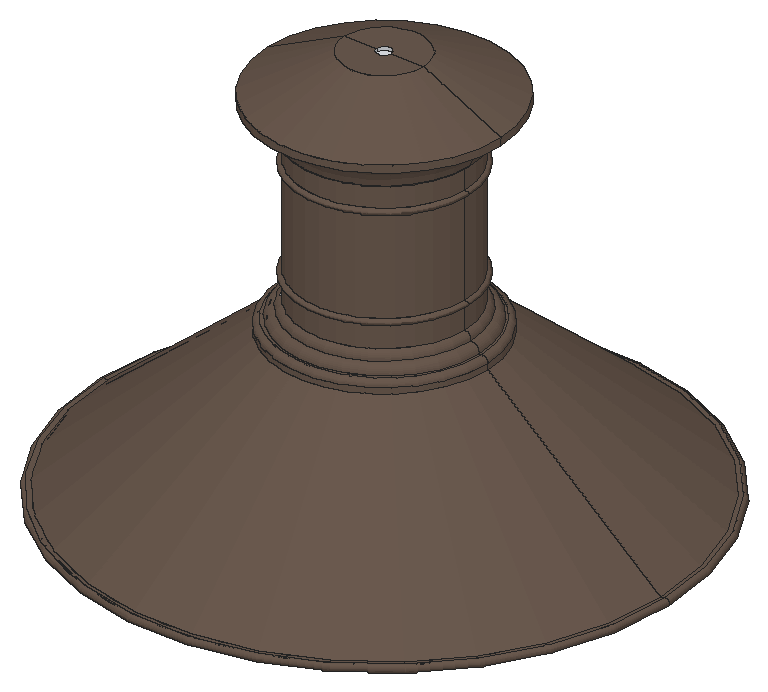
Revit family "MC20 SHADE", category Lighting Fixtures, Revit 2024
Family settings
  Round Connector Dimension = Use Diameter
  Part Type = Normal
  OmniClass Number = 23.80.70.00
  OmniClass Title = Lighting
  Work Plane-Based = No
  Always vertical = Yes
  Cut with Voids When Loaded = No
  Light Source = Yes
  Maintain Annotation Orientation = No
  Shared = No
  Room Calculation Point = No
Parameters
  Wattage = 12.1178 W
  built-in parameter 1150110 = 1 (stored number, unit not read)
  built-in parameter 1114217 = 1 (stored number, unit not read)
  built-in parameter 1150109 = 1 (stored number, unit not read)
  built-in parameter 1150134 = (empty or 0)
  built-in parameter 1150113 = 1 (stored number, unit not read)
  Lumens = 1800 lm
  built-in parameter 1150115 = 1 (stored number, unit not read)
  built-in parameter 1150105 = 572.96 (stored number, unit not read)
  Light Source Symbol Size = 2' - 0"
  built-in parameter 1150137 = (empty or 0)
  built-in parameter 1150139 = (empty or 0)
  built-in parameter 1150112 = 1 (stored number, unit not read)
  built-in parameter 1150114 = 1 (stored number, unit not read)
  built-in parameter 1150132 = 2
  built-in parameter 1150102 = (empty or 0)
  built-in parameter 1150138 = (empty or 0)
  built-in parameter 1150107 = 3000 (stored number, unit not read)
  built-in parameter 1150106 = 5.7296 (stored number, unit not read)
  built-in parameter 1150104 = 13.8 (stored number, unit not read)
  Dimming Lamp Color Temperature Shift = (empty or 0)
  Default Elevation = 0' - 0"
  Color Filter = 16777215
  built-in parameter 1114218 = 1 (stored number, unit not read)
  built-in parameter 1150133 = 10 (stored number, unit not read)
Reference planes (in)
  plane 1 "Light Source Axis (F/B)": y = 0
  plane 2: z = 0
  plane 3 "Light Source Axis (L/R)": x = 0
  plane 4 "Light Source Elevation": z = 84
Forms (in)
  Revolve 1, solid
    sketch origin (0, 0, 0) x (1, 0, 0) y (0, 0, 1)
      loop
        line (-3.625, 89.24996) -> (-9.72256, 84.25) -> (-9.875, 84.25)
        arc (-9.875, 84.25) -> (-9.97022, 84.04402) -> (-9.75162, 84.10493) r 0.125
        line (-9.75162, 84.10493) -> (-3.53125, 89.2056) -> (-3.53125, 89.44996)
        arc (-3.53125, 89.44996) -> (-3.50013, 89.52509) -> (-3.425, 89.55621) r 0.10625
        line (-3.425, 89.55621) -> (-3.20871, 89.55621)
        arc (-3.20871, 89.55621) -> (-3.20089, 89.75767) -> (-3.025, 89.85621) r 0.20625
        line (-3.025, 89.85621) -> (-2.93115, 89.95007)
        arc (-2.93115, 89.95007) -> (-2.87699, 90.09463) -> (-2.73363, 90.15189) r 0.19092
        line (-2.73363, 90.15189) -> (-2.73363, 90.96715) -> (-2.73363, 94.41311) -> (-2.73363, 95.49224) -> (-2.79841, 95.49224)
        arc (-2.79841, 95.49224) -> (-2.86377, 95.47668) -> (-2.92608, 95.50182) r 0.11064
        arc (-2.92608, 95.50182) -> (-3.32587, 96.14724) -> (-3.98544, 96.52321) r 1.53995
        line (-3.98544, 96.52321) -> (-3.98544, 96.64105) -> (-1.35364, 97.90625) -> (-0.25, 97.90625) -> (-0.25, 98) -> (-1.375, 98) -> (-4.07919, 96.7) -> (-4.07919, 96.45)
        arc (-4.07919, 96.45) -> (-3.40842, 96.09632) -> (-3.00882, 95.45186) r 1.4462
        arc (-3.00882, 95.45186) -> (-2.92656, 95.39538) -> (-2.82738, 95.38457) r 0.20439
        line (-2.82738, 95.38457) -> (-2.82738, 94.64962)
        spline (-2.82738, 94.64962) -> (-2.86775, 94.63099) -> (-2.90078, 94.61249) -> (-2.92647, 94.59412) -> (-2.94482, 94.57587) -> (-2.95583, 94.55776) -> (-2.9595, 94.53978) -> (-2.95583, 94.52192) -> (-2.94482, 94.50419) -> (-2.92647, 94.48659) -> (-2.90078, 94.46912) -> (-2.86775, 94.45178) -> (-2.82738, 94.43457)
        line (-2.82738, 94.43457) -> (-2.82738, 91.1822)
        spline (-2.82738, 91.1822) -> (-2.86775, 91.16357) -> (-2.90078, 91.14507) -> (-2.92647, 91.1267) -> (-2.94482, 91.10846) -> (-2.95583, 91.09034) -> (-2.9595, 91.07236) -> (-2.95583, 91.0545) -> (-2.94482, 91.03677) -> (-2.92647, 91.01917) -> (-2.90078, 91.0017) -> (-2.86775, 90.98436) -> (-2.82738, 90.96715)
        line (-2.82738, 90.96715) -> (-2.82738, 90.2322)
        arc (-2.82738, 90.2322) -> (-2.97373, 90.12437) -> (-3.025, 89.94996) r 0.28467
        arc (-3.025, 89.94996) -> (-3.23713, 89.8621) -> (-3.325, 89.64996) r 0.3
        line (-3.325, 89.64996) -> (-3.425, 89.64996)
        arc (-3.425, 89.64996) -> (-3.56642, 89.59139) -> (-3.625, 89.44996) r 0.2
        line (-3.625, 89.44996) -> (-3.625, 89.24996)
      axis (0, 98) -> (0, 84.10493)
    angle from 0 to 360
  Revolve 2, solid, not visible
    sketch origin (0, 0, 0) x (1, 0, 0) y (0, 0, 1)
      loop
        line (-2.99192, 88.09279) -> (-2.89556, 88.09279) -> (-2.89556, 88.38477) -> (-2.99192, 88.38477) -> (-2.99192, 88.09279)
      axis (-2.89556, 88.09279) -> (-2.99192, 88.09279)
    angle from 0 to 360
  Sweep 3, solid, not visible
    path origin (0, 0, 0) x (1, 0, 0) y (0, 0, 1)
      loop
        arc (-2.97158, 88.08519) -> (-3.96217, 87.55604) -> (-4.35786, 86.505) r 1.59375
        line (-4.35786, 86.505) -> (-4.35786, 85.3018)
    profile origin (-3.96217, 0, 87.55604) x (0.751723, 0, -0.659479) y (0, -1, 0)
      loop
        circle (0, 0) r 0.15625
  Revolve 4, solid, not visible
    sketch origin (0, 0, 0) x (1, 0, 0) y (0, 0, 1)
      loop
        line (-4.84702, 85.01395) -> (-4.61007, 85.21882) -> (-4.67548, 85.29447) -> (-5.07238, 85.7535)
        arc (-5.07238, 85.7535) -> (-5.11657, 85.32649) -> (-4.68956, 85.2823) r 0.30356
        line (-4.68956, 85.2823) -> (-4.91791, 85.08485) -> (-4.84702, 85.01395)
      axis (-4.61007, 85.21882) -> (-5.07238, 85.7535)
    angle from 0 to 360
Dimensions and locks (in)
  aligned and locked: plane 3 "Light Source Axis (L/R)" to imposter light
  aligned and locked: plane 1 "Light Source Axis (F/B)" to imposter light
  aligned and locked: plane 4 "Light Source Elevation" to imposter light
  aligned and locked: level to plane 2
